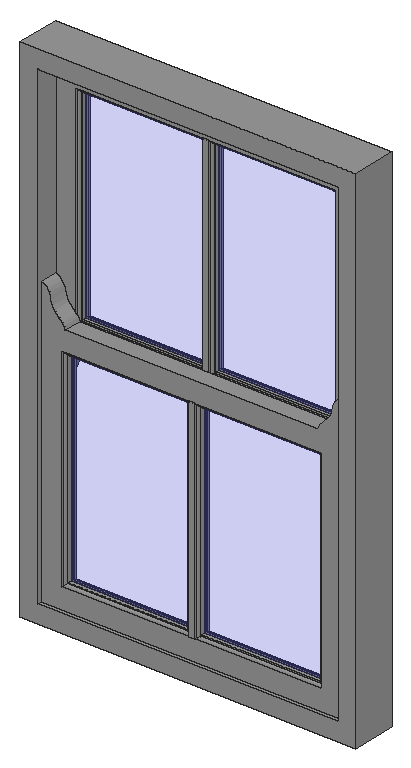
Revit family "HMS1V", category Windows, host Wall, Revit 2015
Parameters (values of type "HMS1V")
  Height = 1225 mm
  Default Lintel Height = 2100 mm
  Wall Closure = By host
  Width = 800 mm
Reference planes
  plane 1 "Center (Front/Back)": y = 0
  plane 2 "Center (Left/Right)": x = 0
  plane 3 "Left": x = -400
  plane 4 "Right": x = 400
  plane 5 "Sill": z = 875
  plane 6 "Head": z = 2100
  plane 7 "Exterior": y = 100
  plane 8 "Interior": y = -100
  plane 9: y = -28.5
  plane 10: y = 23.5
  plane 11: z = 1487.5
  plane 12: z = 1516
  plane 13: z = 1459
Forms (mm)
  Sweep 1, solid, material "Lauan, Meranti"
    path origin (-10500, 23.5, 2100) x (0, 0, -1) y (-1, 0, 0)
      loop
        line (0, -10900) -> (1225, -10900) -> (1225, -10100) -> (0, -10100) -> (0, -10900)
    profile origin (0, 23.5, 2100) x (0, 0, 1) y (0, 1, 0)
      loop
        line (0, 29) -> (-42, 29) -> (-42, -76) -> (0, -76) -> (0, 29)
  Extrusion 2, solid, material "Lauan, Meranti"
    sketch origin (-10500, 0, 1950) x (0, 0, -1) y (-1, 0, 0)
      loop
        line (491, -10801) -> (491, -10858) -> (576, -10858)
        spline (576, -10858) -> (568.022, -10845.331) -> (558.494, -10838.581) -> (548.752, -10835.386) -> (540.116, -10833.399) -> (533.202, -10831.197) -> (527.644, -10828.636) -> (523.005, -10825.669) -> (518.783, -10822.149) -> (514.297, -10817.644) -> (508.83, -10811.691) -> (501.472, -10805.147) -> (491, -10801)
      loop
        spline (491, -10199) -> (501.472, -10194.853) -> (508.83, -10188.309) -> (514.297, -10182.356) -> (518.783, -10177.851) -> (523.005, -10174.331) -> (527.644, -10171.364) -> (533.202, -10168.803) -> (540.116, -10166.601) -> (548.752, -10164.614) -> (558.494, -10161.419) -> (568.022, -10154.669) -> (576, -10142)
        line (576, -10142) -> (491, -10142) -> (491, -10199)
    from 0 to 42
  Extrusion 3, solid, material "Lauan, Meranti"
    sketch origin (-10500, -42, 1025) x (0, 0, 1) y (1, 0, 0)
      loop
        spline (491, 10801) -> (501.472, 10805.147) -> (508.83, 10811.691) -> (514.297, 10817.644) -> (518.783, 10822.149) -> (523.005, 10825.669) -> (527.644, 10828.636) -> (533.202, 10831.197) -> (540.116, 10833.399) -> (548.752, 10835.386) -> (558.494, 10838.581) -> (568.022, 10845.331) -> (576, 10858)
        line (576, 10858) -> (491, 10858) -> (491, 10801)
      loop
        line (491, 10199) -> (491, 10142) -> (576, 10142)
        spline (576, 10142) -> (568.022, 10154.669) -> (558.494, 10161.419) -> (548.752, 10164.614) -> (540.116, 10166.601) -> (533.202, 10168.803) -> (527.644, 10171.364) -> (523.005, 10174.331) -> (518.783, 10177.851) -> (514.297, 10182.356) -> (508.83, 10188.309) -> (501.472, 10194.853) -> (491, 10199)
    from 0 to 42
  Sweep 4, solid, material "Lauan, Meranti"
    path origin (-10626.419, 23.5, 1856.261) x (0, 0, -1) y (-1, 0, 0)
      loop
        line (340.261, -10984.419) -> (939.261, -10984.419) -> (939.261, -10268.419) -> (340.261, -10268.419) -> (340.261, -10984.419)
    profile origin (0, 23.5, 1516) x (0, 0, 1) y (0, 1, 0)
      loop
        line (0, -65.5) -> (0, -23.5) -> (-48, -23.5) -> (-48, -48.5) -> (-57, -48.5) -> (-57, -56.499) -> (-53.996, -56.499)
        arc (-53.996, -56.499) -> (-52.238, -60.744) -> (-47.994, -62.502) r 6.002
        line (-47.994, -62.502) -> (-47.994, -65.5) -> (0, -65.5)
  Sweep 5, solid, material "Lauan, Meranti"
    path origin (-10600.713, 23.5, 2110.37) x (0, 0, -1) y (-1, 0, 0)
      loop
        line (52.37, -10958.713) -> (651.37, -10958.713) -> (651.37, -10242.713) -> (52.37, -10242.713) -> (52.37, -10958.713)
    profile origin (0, 23.5, 2058) x (0, 0, 1) y (0, 1, 0)
      loop
        line (-48, 18.5) -> (-48, -6.5) -> (-57, -6.5) -> (-57, -14.499) -> (-53.996, -14.499)
        arc (-53.996, -14.499) -> (-52.238, -18.744) -> (-47.994, -20.502) r 6.002
        line (-47.994, -20.502) -> (-47.994, -23.5) -> (0, -23.5) -> (0, 18.5) -> (-48, 18.5)
  Extrusion 6, solid, material "Lauan, Meranti"
    sketch origin (0, -23.5, -364.994) x (1, 0, 0) y (0, 1, 0)
      loop
        line (-6.5, 23.5) -> (-6.5, -1.5) -> (-15.5, -1.5) -> (-15.5, -9.5) -> (-12.5, -9.5)
        arc (-12.5, -9.5) -> (-10.743, -13.743) -> (-6.5, -15.5) r 6
        line (-6.5, -15.5) -> (-6.5, -18.5) -> (6.5, -18.5) -> (6.5, -15.5)
        arc (6.5, -15.5) -> (10.743, -13.743) -> (12.5, -9.5) r 6
        line (12.5, -9.5) -> (15.5, -9.5) -> (15.5, -1.5) -> (6.5, -1.5) -> (6.5, 23.5) -> (-6.5, 23.5)
    from 1329.987 to 1833
  Sweep 7, solid, material "Lauan, Meranti"
    path origin (171.068, 100, -664.162) x (1, 0, 0) y (0, 0, 1)
      loop
        line (138.932, 2132.168) -> (-164.568, 2132.168) -> (-164.568, 1629.155) -> (138.932, 1629.155) -> (138.932, 2132.168)
    profile origin (158.25, 100, 1468.006) x (0, 0, -1) y (0, -1, 0)
      loop
        arc (0, 110.6) -> (4.67, 112.234) -> (7, 116.6) r 6.807
        line (7, 116.6) -> (9, 116.6) -> (9, 118.6) -> (0, 118.6) -> (0, 110.6)
  Sweep 8, solid, material "Lauan, Meranti"
    path origin (-290.338, 100, -796.467) x (1, 0, 0) y (0, 0, 1)
      loop
        line (283.838, 2264.474) -> (-19.662, 2264.474) -> (-19.662, 1761.461) -> (283.838, 1761.461) -> (283.838, 2264.474)
    profile origin (-158.25, 100, 1468.006) x (0, 0, -1) y (0, -1, 0)
      loop
        arc (0, 110.6) -> (4.67, 112.234) -> (7, 116.6) r 6.807
        line (7, 116.6) -> (9, 116.6) -> (9, 118.6) -> (0, 118.6) -> (0, 110.6)
  Extrusion 9, solid, material "Lauan, Meranti"
    sketch origin (0, 18.5, 142) x (1, 0, 0) y (0, 1, 0)
      loop
        line (-6.5, 23.5) -> (-6.5, -1.5) -> (-15.5, -1.5) -> (-15.5, -9.5) -> (-12.5, -9.5)
        arc (-12.5, -9.5) -> (-10.743, -13.743) -> (-6.5, -15.5) r 6
        line (-6.5, -15.5) -> (-6.5, -18.5) -> (6.5, -18.5) -> (6.5, -15.5)
        arc (6.5, -15.5) -> (10.743, -13.743) -> (12.5, -9.5) r 6
        line (12.5, -9.5) -> (15.5, -9.5) -> (15.5, -1.5) -> (6.5, -1.5) -> (6.5, 23.5) -> (-6.5, 23.5)
    from 1365 to 1868
  Sweep 10, solid, material "Lauan, Meranti"
    path origin (26.75, 100, -248.651) x (1, 0, 0) y (0, 0, 1)
      loop
        line (283.25, 2258.651) -> (-20.25, 2258.651) -> (-20.25, 1755.651) -> (283.25, 1755.651) -> (283.25, 2258.651)
    profile origin (158.25, 100, 2010) x (0, 0, -1) y (0, -1, 0)
      loop
        arc (0, 68.6) -> (4.67, 70.234) -> (7, 74.6) r 6.807
        line (7, 74.6) -> (9, 74.6) -> (9, 76.6) -> (0, 76.6) -> (0, 68.6)
  Sweep 11, solid, material "Lauan, Meranti"
    path origin (-385.157, 100, -299.227) x (1, 0, 0) y (0, 0, 1)
      loop
        line (378.657, 2309.227) -> (75.157, 2309.227) -> (75.157, 1806.227) -> (378.657, 1806.227) -> (378.657, 2309.227)
    profile origin (-158.25, 100, 2010) x (0, 0, -1) y (0, -1, 0)
      loop
        arc (0, 68.6) -> (4.67, 70.234) -> (7, 74.6) r 6.807
        line (7, 74.6) -> (9, 74.6) -> (9, 76.6) -> (0, 76.6) -> (0, 68.6)
  Extrusion 12, solid, material "Glass"
    sketch origin (-10597.285, -25, 1390.344) x (0, 0, -1) y (-1, 0, 0)
      loop
        line (-77.662, -10907.285) -> (425.35, -10907.285) -> (425.35, -10603.785) -> (-77.662, -10603.785) -> (-77.662, -10907.285)
      loop
        line (-77.662, -10590.785) -> (425.35, -10590.785) -> (425.35, -10266.653) -> (-77.662, -10266.653) -> (-77.662, -10590.785)
    from 0 to 6.4
  Extrusion 13, solid, material "Glass"
    sketch origin (-10584.305, 17, 2000.28) x (0, 0, -1) y (-1, 0, 0)
      loop
        line (-9.72, -10894.305) -> (493.28, -10894.305) -> (493.28, -10590.805) -> (-9.72, -10590.805) -> (-9.72, -10894.305)
      loop
        line (-9.72, -10577.805) -> (493.28, -10577.805) -> (493.28, -10274.305) -> (-9.72, -10274.305) -> (-9.72, -10577.805)
    from 0 to 6.4
Cuts and joins
  joined: Extrusion 3, Sweep 4
  joined: Extrusion 2, Sweep 5
Lines and regions (mm)
  Opening 1
    outline origin (3500, -100, 0) x (1, 0, 0) y (0, 0, 1)
      loop
        line (-3100, 875) -> (-3100, 2100) -> (-3900, 2100) -> (-3900, 875) -> (-3100, 875)
  model lines
    curve 1: line (358, 42, 2058) -> (0, 42, 1459)
    curve 2: line (-358, 42, 2058) -> (0, 42, 1459)
Text (mm)
  text "EXTERIOR" at (-1963.203, 1332.353, 0), in view "Ref. Level"
  text "INTERIOR" at (-1981.466, -818.386, 0), in view "Ref. Level"
  text "Exterior" at (0, 923.751, 2943.296), in view "Right"
  text "Exterior" at (0, 1040.484, 2685.409), in view "Left"
Dimensions and locks
  equal spacing: plane 3 "Left", plane 2 "Center (Left/Right)", plane 4 "Right"
  "Width": plane 3 "Left" to plane 4 "Right"
  "Height": plane 5 "Sill" to plane 6 "Head"
  "Default Lintel Height": plane 6 "Head" to level
  locked: plane 7 "Exterior" to host wall at 0
  locked: plane 8 "Interior" to host wall
  locked: plane 10 to plane 9 at 52
  plane 3 "Left" to plane 4 "Right" = 800 mm
  aligned and locked: Sweep 1 sketch curve to host wall  (x4)
  aligned and locked: Sweep 4 sketch curve to Sweep 1  (x2)
  aligned and locked: Sweep 1 to Sweep 4 sketch curve
  aligned and locked: Sweep 4 sketch curve to plane 12
  aligned and locked: plane 13 to Sweep 5 sketch curve
  aligned and locked: Sweep 1 to Sweep 5 sketch curve
  aligned and locked: Sweep 5 sketch curve to Sweep 1  (x2)
  aligned and locked: Sweep 7 sketch curve to Extrusion 6
  aligned and locked: Sweep 8 sketch curve to Extrusion 6
  aligned and locked: Sweep 10 sketch curve to Extrusion 9
  aligned and locked: Sweep 11 sketch curve to Extrusion 9
  aligned and locked: Extrusion 9 to Sweep 5  (x2)
  aligned and locked: Sweep 5 to Sweep 11 sketch curve
  aligned and locked: Sweep 11 sketch curve to Sweep 5
  aligned and locked: Sweep 5 to Sweep 10 sketch curve
  aligned and locked: Sweep 10 sketch curve to Sweep 5
  aligned and locked: Sweep 7 sketch curve to Sweep 4
  aligned and locked: Sweep 4 to Sweep 7 sketch curve
  aligned and locked: Sweep 8 sketch curve to Sweep 4
  aligned and locked: Sweep 4 to Sweep 8 sketch curve
  aligned and locked: Extrusion 6 to Sweep 4  (x2)
  aligned and locked: Extrusion 12 sketch curve to Extrusion 12 sketch curve  (x2)
  aligned and locked: Extrusion 12 sketch curve to Sweep 7  (x2)
  aligned and locked: Extrusion 12 sketch curve to Sweep 8
  aligned and locked: Extrusion 12 sketch curve to Extrusion 6  (x2)
  aligned and locked: Extrusion 13 sketch curve to Extrusion 9
  aligned and locked: Extrusion 9 to Extrusion 13 sketch curve
  aligned and locked: Extrusion 13 sketch curve to Sweep 11  (x3)
  aligned and locked: Extrusion 13 sketch curve to Extrusion 13 sketch curve
  aligned and locked: Extrusion 13 sketch curve to Sweep 10  (x2)
Automatic sketch dimensions
  plane 3 "Left" to Opening 1 sketch curve = 0 mm
  plane 4 "Right" to Opening 1 sketch curve = 0 mm
  Opening 1 sketch curve to plane 5 "Sill" = 0 mm
  Opening 1 sketch curve to plane 6 "Head" = 0 mm
  profile plane to Sweep 1 sketch curve = 0 mm
  profile plane to Sweep 1 sketch curve = 42 mm
  Sweep 1 sketch curve to plane 10 = 76 mm
  plane 10 to Sweep 1 sketch curve = 29 mm
  plane 2 "Center (Left/Right)" to curve 1 = 0 mm
  curve 1 to plane 13 = 0 mm
  curve 2 to plane 3 "Left" = 42 mm
  plane 4 "Right" to curve 1 = 42 mm
  plane 6 "Head" to curve 2 = 42 mm
  plane 6 "Head" to curve 1 = 42 mm
  Extrusion 2 sketch curve to plane 13 = 0 mm  (x2)
  Extrusion 2 sketch curve to plane 3 "Left" = 42 mm
  Extrusion 2 sketch curve to plane 13 = 85 mm  (x2)
  plane 4 "Right" to Extrusion 2 sketch curve = 42 mm
  Extrusion 2 sketch curve to Extrusion 2 sketch curve = 57 mm  (x2)
  Extrusion 3 sketch curve to plane 12 = 0 mm  (x2)
  Extrusion 3 sketch curve to plane 3 "Left" = 42 mm
  Extrusion 3 sketch curve to Extrusion 3 sketch curve = 85 mm  (x2)
  plane 4 "Right" to Extrusion 3 sketch curve = 42 mm
  Extrusion 3 sketch curve to Extrusion 3 sketch curve = 57 mm  (x2)
  profile plane to Sweep 4 sketch curve = 0 mm
  profile plane to Sweep 4 sketch curve = 47.994 mm
  Sweep 4 sketch curve to Sweep 4 sketch curve = 0.006 mm
  Sweep 4 sketch curve to Sweep 4 sketch curve = 6.002 mm
  Sweep 4 sketch curve to Sweep 4 sketch curve = 3.004 mm
  Sweep 4 sketch curve to profile plane = 65.5 mm
  Sweep 4 sketch curve to Sweep 4 sketch curve = 2.998 mm
  Sweep 4 sketch curve to Sweep 4 sketch curve = 7.999 mm
  Sweep 4 sketch curve to profile plane = 23.5 mm
  profile plane to Sweep 5 sketch curve = 0 mm
  Sweep 5 sketch curve to profile plane = 23.5 mm
  profile plane to Sweep 5 sketch curve = 47.994 mm
  Sweep 5 sketch curve to Sweep 5 sketch curve = 0.006 mm
  Sweep 5 sketch curve to Sweep 5 sketch curve = 6.002 mm
  Sweep 5 sketch curve to Sweep 5 sketch curve = 3.004 mm
  Sweep 5 sketch curve to Sweep 5 sketch curve = 2.998 mm
  Sweep 5 sketch curve to profile plane = 6.5 mm
  profile plane to Sweep 5 sketch curve = 18.5 mm
  host wall to Extrusion 6 sketch curve = 0 mm
  Extrusion 6 sketch curve to plane 9 = 4.5 mm
  plane 2 "Center (Left/Right)" to Extrusion 6 sketch curve = 15.5 mm
  Extrusion 6 sketch curve to Extrusion 6 sketch curve = 3 mm  (x3)
  plane 2 "Center (Left/Right)" to Extrusion 6 sketch curve = 6.5 mm  (x2)
  Extrusion 6 sketch curve to plane 2 "Center (Left/Right)" = 6.5 mm  (x2)
  Extrusion 6 sketch curve to Extrusion 6 sketch curve = 6 mm
  plane 9 to Extrusion 6 sketch curve = 3.5 mm  (x2)
  Extrusion 6 sketch curve to plane 9 = 10.5 mm
  plane 4 "Right" to Sweep 7 sketch curve = 90 mm
  Sweep 7 sketch curve to profile plane = 0 mm
  Sweep 7 sketch curve to profile plane = 0.241 mm
  Sweep 7 sketch curve to Sweep 7 sketch curve = 6.759 mm
  Sweep 7 sketch curve to Sweep 7 sketch curve = 2 mm  (x2)
  profile plane to Sweep 7 sketch curve = 110.6 mm
  Sweep 7 sketch curve to Sweep 7 sketch curve = 6 mm
  Sweep 8 sketch curve to plane 3 "Left" = 90 mm
  Sweep 8 sketch curve to profile plane = 0 mm
  Sweep 8 sketch curve to profile plane = 0.241 mm
  Sweep 8 sketch curve to Sweep 8 sketch curve = 6.759 mm
  Sweep 8 sketch curve to Sweep 8 sketch curve = 2 mm  (x2)
  profile plane to Sweep 8 sketch curve = 110.6 mm
  Sweep 8 sketch curve to Sweep 8 sketch curve = 6 mm
  host wall to Extrusion 9 sketch curve = 0 mm
  plane 2 "Center (Left/Right)" to Extrusion 9 sketch curve = 15.5 mm
  Extrusion 9 sketch curve to Extrusion 9 sketch curve = 3 mm  (x3)
  plane 2 "Center (Left/Right)" to Extrusion 9 sketch curve = 6.5 mm  (x2)
  Extrusion 9 sketch curve to host wall = 3 mm
  Extrusion 9 sketch curve to plane 2 "Center (Left/Right)" = 6.5 mm  (x2)
  Extrusion 9 sketch curve to Extrusion 9 sketch curve = 6 mm
  Extrusion 9 sketch curve to plane 10 = 6.5 mm  (x2)
  plane 10 to Extrusion 9 sketch curve = 18.5 mm
  plane 4 "Right" to Sweep 10 sketch curve = 90 mm
  Sweep 10 sketch curve to profile plane = 0 mm
  Sweep 10 sketch curve to profile plane = 0.241 mm
  Sweep 10 sketch curve to Sweep 10 sketch curve = 6.759 mm
  Sweep 10 sketch curve to Sweep 10 sketch curve = 2 mm  (x2)
  profile plane to Sweep 10 sketch curve = 68.6 mm
  Sweep 10 sketch curve to Sweep 10 sketch curve = 6 mm
  Sweep 11 sketch curve to plane 3 "Left" = 90 mm
  Sweep 11 sketch curve to profile plane = 0 mm
  Sweep 11 sketch curve to profile plane = 0.241 mm
  Sweep 11 sketch curve to Sweep 11 sketch curve = 6.759 mm
  Sweep 11 sketch curve to Sweep 11 sketch curve = 2 mm  (x2)
  profile plane to Sweep 11 sketch curve = 68.6 mm
  Sweep 11 sketch curve to Sweep 11 sketch curve = 6 mm
  Extrusion 12 sketch curve to plane 3 "Left" = 69.368 mm
